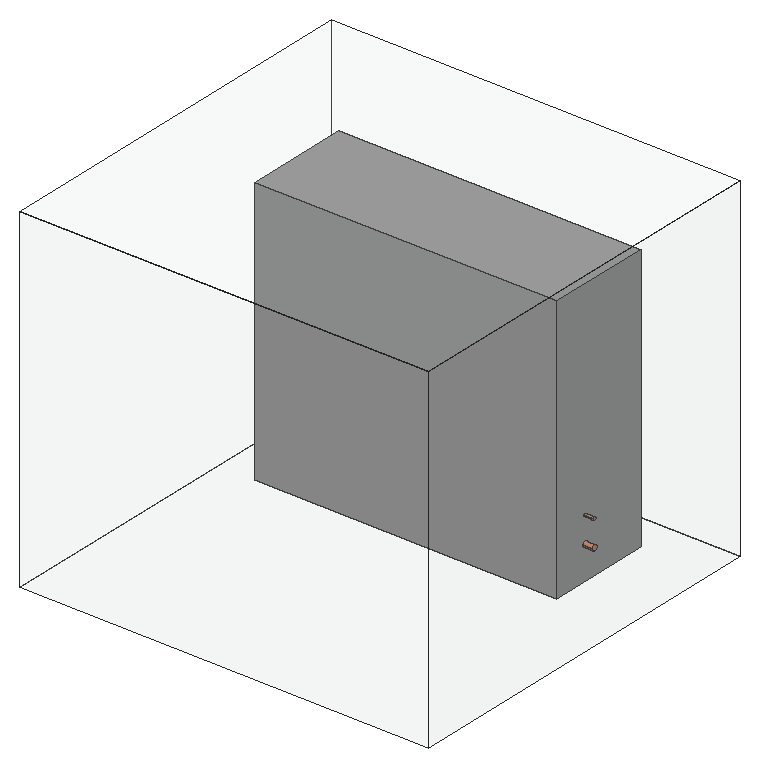
Revit family "Hitachi_RAC-SYHA_Outdoor_Unit_0718", category Mechanical Equipment, Revit 2015
Parameters (values of type "RAC-S50YHA")
  Weight (kg) = 50
  Unit Width = 850 mm
  Unit Height = 750 mm
  URL = "www.temperzone.biz"
  Top Clearance = 200 mm
  Sound Pressure Level (dbA) - Cool / Heat = "50 / 53"
  Right Clearance = 200 mm
  Refrigerant Type = "R32"  # constant formula
  Refrigerant Pipe Charge Length = "30m"
  Refrig Pipe Offset from Back = 201 mm
  Radius pipe Top LIQUID = 3.2 mm
  Radius Pipe Bottom GAS = 6.4 mm
  Power Suppy = "240 / 1"
  Pipe Length (min./max.) = "3m to 30m"
  Pipe Height (max.) = "20m"  # constant formula
  Pipe Connection Size - Liquid = "6.35 mm"
  Pipe Connection Size - Gas = "12.7 mm"
  Outdoor Operating Temp. (heating) C db = "24 to -15 C"  # constant formula
  Outdoor Operating Temp. (cooling) C db = "46 to -15 C"  # constant formula
  Model - Indoor = "RAS-S50YHA"
  Model = "RAC-S50YHA"
  Recommended External Protection = 20 A
  Material = "Hitachi - Outdoor Unit"
  Manufacturer = "Temperzone / Hitachi"
  Left Clearance = 100 mm
  Interconnecting Wires = "3 + E, 1.5 mm"
  Height Refrig Pipe (Bottom - GAS) = 96 mm
  Height Refig Pipe (Top LIQUID) = 169.5 mm
  Heating Range = "1.2 - 6.8 kW"
  Heating Capacity = 6000 W
  Front Clearance = 700 mm
  Unit Depth = 298 mm
  EER Cooling = 4.32
  Description = "Hitachi Outdoor Unit RAC-S50YHA"
  Cooling Range = "1.2 - 5.8 kW"
  Cooling Capacity = 5000 W
  Clearance = Default
  COP Heating = 4.41
  Back Clearance = 100 mm
  Airflow - Hi = 221.0 L/s
Types (5, lengths in mm): name | Weight (kg) | Unit Height | Sound Pressure Level (dbA) - Cool / Heat | Refrig Pipe Offset from Back | Radius Pipe Bottom GAS | Pipe Connection Size - Gas | Model - Indoor | Model | Height Refrig Pipe (Bottom - GAS) | Height Refig Pipe (Top LIQUID) | Heating Range | Heating Capacity | EER Cooling | Description | Cooling Range | Cooling Capacity | COP Heating | Airflow - Hi
  (no name) | 50 | 750 | "50 / 53" | 201 | 6.4 | "12.7 mm" | "RAS-S50YHA" | "RAC-S50YHA" | 96 | 169.5 | "1.2 - 6.8 kW" | 6000 W | 4.32 | "Hitachi Outdoor Unit RAC-S50YHA" | "1.2 - 5.8 kW" | 5000 W | 4.41 | 221.0 L/s
  RAC-S50YHA | 50 | 750 | "50 / 53" | 201 | 6.4 | "12.7 mm" | "RAS-S50YHA" | "RAC-S50YHA" | 96 | 169.5 | "1.2 - 6.8 kW" | 6000 W | 4.32 | "Hitachi Outdoor Unit RAC-S50YHA" | "1.2 - 5.8 kW" | 5000 W | 4.41 | 221.0 L/s
  RAC-S60YHA | 50 | 750 | "50 / 53" | 191 | 6.4 | "12.7 mm" | "RAS-S60YHA" | "RAC-S60YHA" | 107.5 | 159.5 | "1.2 - 8.0 kW" | 7000 W | 3.84 | "Hitachi Outdoor Unit RAC-S60YHA" | "1.2 - 6.5 kW" | 6000 W | 4.18 | 221.0 L/s
  RAC-S70YHA | 52 | 800 | "51 / 53" | 201 | 7.9 | "15.9 mm" | "RAS-S70YHA" | "RAC-S70YHA" | 96 | 169.5 | "1.5 - 8.5 kW" | 8000 W | 3.53 | "Hitachi Outdoor Unit RAC-S70YHA" | "1.5 - 8.0 kW" | 7000 W | 4.06 | 300.0 L/s
  RAC-S80YHA | 52 | 800 | "55 / 55" | 201 | 7.9 | "15.9 mm" | "RAS-S80YHA" | "RAC-S80YHA" | 96 | 169.5 | "1.5 - 9.5 kW" | 9000 W | 3.42 | "Hitachi Outdoor Unit RAC-S80YHA" | "1.5 - 8.5 kW" | 8000 W | 3.92 | 300.0 L/s
Reference planes
  plane 1 "Center (Front/Back)": y = 0
  plane 2: z = 0
  plane 3 "Center (Left/Right)": x = 0
  plane 4 "Front": y = -298
  plane 5 "Back Clearance": y = 100
  plane 6 "Right": x = 425
  plane 7 "Left": x = -425
  plane 8 "Front Clearance": y = -998
  plane 9 "Right Clearance": x = 625
  plane 10 "left Clearance": x = -525
  plane 11 "Top": z = 750
  plane 12 "Top Clearance": z = 950
  plane 13 "Refrig Lines": y = -201
  plane 14: z = 169.5
  plane 15: z = 96
  plane 16 "Circle Centre horizontal": z = 375
  plane 17 "Circle centre vertical": x = -125
  plane 18: x = 175
  plane 19: x = 375
  plane 20: z = 624.5
  plane 21: z = 125.5
Forms (mm)
  Extrusion 1, solid, material "Steel, Paint Finish, Ivory, Matte"
    sketch origin (0, 0, 0) x (1, 0, 0) y (0, 1, 0)
      loop
        line (-425, 0) -> (-425, -298) -> (425, -298) -> (425, 0) -> (-425, 0)
    from 0 to 750
  Extrusion 2, solid, material "Clearance Zone"
    sketch origin (0, 0, 0) x (1, 0, 0) y (0, 1, 0)
      loop
        line (-525, 100) -> (-525, -998) -> (625, -998) -> (625, 100) -> (-525, 100)
    from 0 to 950
  Extrusion 3, solid, material "Copper"
    sketch origin (425, 0, 0) x (0, -1, 0) y (0, 0, -1)
      loop
        circle (201, -169.5) r 3.2
    from 0 to 30
  Extrusion 4, solid, material "Copper"
    sketch origin (425, 0, 0) x (0, -1, 0) y (0, 0, -1)
      loop
        circle (201, -96) r 6.4
    from 0 to 30
Lines and regions (mm)
  model lines
    curve 1: circle (-125, -298, 375) r 250 normal (0, 1, 0)
    curve 2: line (175, -298, 624.5) -> (375, -298, 624.5)
    curve 3: line (175, -298, 125.5) -> (175, -298, 624.5)
    curve 4: line (375, -298, 125.5) -> (175, -298, 125.5)
    curve 5: line (375, -298, 624.5) -> (375, -298, 125.5)
Dimensions and locks
  equal spacing: plane 7 "Left", plane 3 "Center (Left/Right)", plane 6 "Right"
  "Unit Width": plane 7 "Left" to plane 6 "Right"
  "Unit Depth": plane 4 "Front" to plane 1 "Center (Front/Back)"
  "Back Clearance": plane 1 "Center (Front/Back)" to plane 5 "Back Clearance"
  "Unit Height": plane 11 "Top" to plane 2
  "Top Clearance": plane 12 "Top Clearance" to plane 11 "Top"
  "Left Clearance": plane 10 "left Clearance" to plane 7 "Left"
  "Right Clearance": plane 6 "Right" to plane 9 "Right Clearance"
  "Front Clearance": plane 4 "Front" to plane 8 "Front Clearance"
  "Refrig Pipe Offset from Back": plane 13 "Refrig Lines" to plane 1 "Center (Front/Back)"
  "Height Refrig Pipe (Bottom - GAS)": plane 15 to level
  "Height Refig Pipe (Top LIQUID)": plane 14 to level
  locked: plane 7 "Left" to plane 17 "Circle centre vertical" at 300
  equal spacing: plane 11 "Top", plane 16 "Circle Centre horizontal", level
  locked: plane 18 to plane 17 "Circle centre vertical" at 300
  locked: plane 19 to plane 6 "Right" at 50
  equal spacing: plane 20, plane 16 "Circle Centre horizontal", plane 21
  locked: plane 20 to plane 21 at 499
  "Radius pipe Top LIQUID": radius of Extrusion 3 sketch curve
  "Radius Pipe Bottom GAS": radius of Extrusion 4 sketch curve
  aligned and locked: level to plane 2
  aligned and locked: plane 1 "Center (Front/Back)" to Extrusion 1 sketch curve
  aligned and locked: Extrusion 1 sketch curve to plane 7 "Left"
  aligned and locked: plane 4 "Front" to Extrusion 1 sketch curve
  aligned and locked: Extrusion 1 sketch curve to plane 6 "Right"
  aligned and locked: plane 11 "Top" to Extrusion 1
  aligned and locked: Extrusion 1 to plane 2
  aligned and locked: Extrusion 2 sketch curve to plane 5 "Back Clearance"
  aligned and locked: plane 10 "left Clearance" to Extrusion 2 sketch curve
  aligned and locked: plane 8 "Front Clearance" to Extrusion 2 sketch curve
  aligned and locked: Extrusion 2 sketch curve to plane 9 "Right Clearance"
  aligned and locked: plane 12 "Top Clearance" to Extrusion 2
  aligned and locked: Extrusion 2 to plane 2
  aligned and locked: plane 20 to curve 2
  aligned and locked: curve 3 to plane 18
  aligned and locked: curve 4 to plane 21
  aligned and locked: curve 5 to plane 19
Automatic sketch dimensions
  curve 1 to plane 16 "Circle Centre horizontal" = 0 mm
  curve 1 to plane 17 "Circle centre vertical" = 0 mm
  Extrusion 3 sketch curve to plane 13 "Refrig Lines" = 0 mm
  Extrusion 3 sketch curve to plane 14 = 0 mm
  Extrusion 4 sketch curve to plane 13 "Refrig Lines" = 0 mm
  Extrusion 4 sketch curve to plane 15 = 0 mm
  radius of curve 1 = 250 mm
Connectors
  piping at (455, -201, 169.5), diameter 6.4, driven by "Radius pipe Top LIQUID"
    settings: on Extrusion 3, index 1, connector inside diameter 6.4 mm, connector length 0 mm, flow factor 0, pipe flow 0.0 L/s, pressure drop 0.0 Pa, fitting loss kfactor 0, connector angle 0.00°, fixture units 0, engagement length 0 mm, angle of deflection 0.00°, flow configuration 2, flow direction 0, fitting loss method 0, system type 22, joint type 0, gender type 0, connector reference index -1, connector utility 0, adjustable connector no, is connector primary yes, connector description "Liquid Line (top)"
  piping at (455, -201, 96), diameter 12.8, driven by "Radius Pipe Bottom GAS"
    settings: on Extrusion 4, index 2, connector inside diameter 15.8 mm, connector length 0 mm, flow factor 0, pipe flow 0.0 L/s, pressure drop 0.0 Pa, fitting loss kfactor 0, connector angle 0.00°, fixture units 0, engagement length 0 mm, angle of deflection 0.00°, flow configuration 0, flow direction 0, fitting loss method 4, system type 22, joint type 0, gender type 0, connector reference index -1, connector utility 0, adjustable connector no, is connector primary no, connector description "Gas Line (Bottom)"
